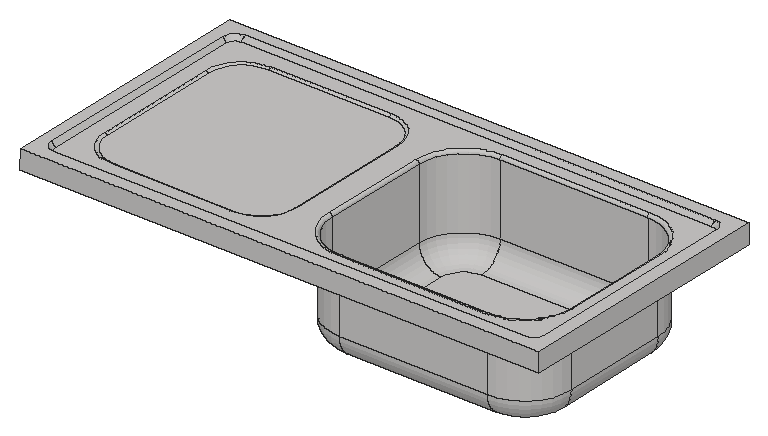
Revit family
Parameters (values of type "860 X 435")
  Waste Connection Diameter = 40 mm
  Width Of Bowl = 330 mm
  Waste Connection Radius = Waste Connection Diameter / 2  # 20 mm
  Waste Connection = 1 = 1  # yes
  WFU = 0
  Vent Connection = 1 = 0  # no
  URL = "http://www.autospec.co.za/browse.php?id=1937217983"
  Product Code = "SDI-860-SER"
  OmniClass Title = ""
  OmniClass Number = ""
  Modspec Classification = ""
  Specification = ""
  Material = Stainless Steel Grade 304
  Location (revit room) = ""
  Length Of Bowl = 395 mm
  HW Connection = 1 = 0  # no
  Description = ""
  Depth Of Bowl = 170 mm
  Colour = none
  CW Connection = 1 = 0  # no
  Body Finish = none
  Width = 435 mm
  Model = "Right Hand Drop-In Sink Single End Bowl SDI-860-SER"
  Manufacturer = "Kwikot"  # constant formula
  Length = 860 mm
  Assembly Code = "D2010410"
Reference planes
  plane 1 "Center (Front/Back)": y = 0
  plane 2 "Bottom": z = 0
  plane 3 "Center (Left/Right)": x = 0
  plane 4 "Right": x = 860
  plane 5 "Back": y = 435
  plane 6 "Top": z = 170
  plane 7: z = 138
  plane 8: x = 415
  plane 9: x = 810
  plane 10: y = 217.5
  plane 11: y = 382.5
  plane 12: y = 52.5
  plane 13: x = 612.5
  plane 14: z = 162
Forms (mm)
  Sweep 1, solid, material "Stainless Steel Grade 304" <- "Material"
    path origin (-60.109, -1524, 170) x (-1, 0, 0) y (0, -1, 0)
      loop
        line (-60.109, -1959) -> (-60.109, -1524) -> (-920.109, -1524) -> (-920.109, -1959) -> (-60.109, -1959)
    profile origin (430, 435, 170) x (0, 1, 0) y (0, 0, 1)
      loop
        line (-15, 0) -> (-15, -10.5) -> (-2.5, -10.5) -> (-2.5, -29.5) -> (-10, -29.5) -> (-10, -32) -> (0, -32) -> (0, 0) -> (-15, 0)
  Extrusion 2, solid, material "Stainless Steel Grade 304" <- "Material"
    sketch origin (-60.109, -1524, 170) x (-1, 0, 0) y (0, -1, 0)
      loop
        line (-75.109, -1539) -> (-905.109, -1539) -> (-905.109, -1944) -> (-75.109, -1944) -> (-75.109, -1539)
    from 0 to -10.5
  Extrusion 3, void
    sketch origin (-60.109, -1524, 170) x (0, -1, 0) y (-1, 0, 0)
      loop
        line (-1906.5, -550.109) -> (-1906.5, -795.109)
        arc (-1906.5, -795.109) -> (-1884.533, -848.142) -> (-1831.5, -870.109) r 75
        line (-1831.5, -870.109) -> (-1651.5, -870.109)
        arc (-1651.5, -870.109) -> (-1598.467, -848.142) -> (-1576.5, -795.109) r 75
        line (-1576.5, -795.109) -> (-1576.5, -550.109)
        arc (-1576.5, -550.109) -> (-1598.467, -497.076) -> (-1651.5, -475.109) r 75
        line (-1651.5, -475.109) -> (-1831.5, -475.109)
        arc (-1831.5, -475.109) -> (-1884.533, -497.076) -> (-1906.5, -550.109) r 75
    from 0 to 10.5
  Sweep 4, solid, material "Stainless Steel Grade 304" <- "Material"
    path origin (-60.109, -1524, 170) x (-1, 0, 0) y (0, -1, 0)
      loop
        arc (-550.109, -1906.5) -> (-497.076, -1884.533) -> (-475.109, -1831.5) r 75
        line (-475.109, -1831.5) -> (-475.109, -1651.5)
        arc (-475.109, -1651.5) -> (-497.076, -1598.467) -> (-550.109, -1576.5) r 75
        line (-550.109, -1576.5) -> (-795.109, -1576.5)
        arc (-795.109, -1576.5) -> (-848.142, -1598.467) -> (-870.109, -1651.5) r 75
        line (-870.109, -1651.5) -> (-870.109, -1831.5)
        arc (-870.109, -1831.5) -> (-848.142, -1884.533) -> (-795.109, -1906.5) r 75
        line (-795.109, -1906.5) -> (-550.109, -1906.5)
    profile origin (612.5, 382.5, 170) x (0, 1, 0) y (0, 0, 1)
      loop
        line (0, -10.5) -> (0, -130)
        arc (0, -130) -> (-10.983, -156.517) -> (-37.5, -167.5) r 37.5
        line (-37.5, -167.5) -> (-37.5, -170)
        arc (-37.5, -170) -> (-9.216, -158.284) -> (2.5, -130) r 40
        line (2.5, -130) -> (2.5, -10.5) -> (0, -10.5)
  Extrusion 5, solid, material "Stainless Steel Grade 304" <- "Material"
    sketch origin (0, 0, 0) x (1, 0, 0) y (0, 1, 0)
      loop
        arc (452.5, 127.5) -> (463.483, 100.983) -> (490, 90) r 37.5
        line (490, 90) -> (735, 90)
        arc (735, 90) -> (761.517, 100.983) -> (772.5, 127.5) r 37.5
        line (772.5, 127.5) -> (772.5, 307.5)
        arc (772.5, 307.5) -> (761.517, 334.017) -> (735, 345) r 37.5
        line (735, 345) -> (490, 345)
        arc (490, 345) -> (463.483, 334.017) -> (452.5, 307.5) r 37.5
        line (452.5, 307.5) -> (452.5, 127.5)
      loop
        circle (490, 217.5) r 20
    from 0 to 2.5
  Blend 6, void
    base sketch origin (0, 0, 170) x (-1, 0, 0) y (0, -1, 0)
      loop
        line (-20, -395) -> (-20, -40)
        arc (-20, -40) -> (-25.858, -25.858) -> (-40, -20) r 20
        line (-40, -20) -> (-820, -20)
        arc (-820, -20) -> (-834.142, -25.858) -> (-840, -40) r 20
        line (-840, -40) -> (-840, -395)
        arc (-840, -395) -> (-834.142, -409.142) -> (-820, -415) r 20
        line (-820, -415) -> (-40, -415)
        arc (-40, -415) -> (-25.858, -409.142) -> (-20, -395) r 20
    top sketch origin (0, 0, 170) x (-1, 0, 0) y (0, -1, 0)
      loop
        line (-25, -395) -> (-25, -40)
        arc (-25, -40) -> (-29.393, -29.393) -> (-40, -25) r 15
        line (-40, -25) -> (-820, -25)
        arc (-820, -25) -> (-830.607, -29.393) -> (-835, -40) r 15
        line (-835, -40) -> (-835, -395)
        arc (-835, -395) -> (-830.607, -405.607) -> (-820, -410) r 15
        line (-820, -410) -> (-40, -410)
        arc (-40, -410) -> (-29.393, -405.607) -> (-25, -395) r 15
    from 0 to -8
  Extrusion 7, solid, material "Stainless Steel Grade 304" <- "Material"
    sketch origin (0, 0, 0) x (1, 0, 0) y (0, 1, 0)
      loop
        circle (490, 217.5) r 20
    from 0 to -5
  Sweep 8, void
    path origin (-60.109, -1524, 170) x (-1, 0, 0) y (0, -1, 0)
      loop
        line (-795.109, -1906.5) -> (-550.109, -1906.5)
        arc (-550.109, -1906.5) -> (-497.076, -1884.533) -> (-475.109, -1831.5) r 75
        line (-475.109, -1831.5) -> (-475.109, -1651.5)
        arc (-475.109, -1651.5) -> (-497.076, -1598.467) -> (-550.109, -1576.5) r 75
        line (-550.109, -1576.5) -> (-795.109, -1576.5)
        arc (-795.109, -1576.5) -> (-848.142, -1598.467) -> (-870.109, -1651.5) r 75
        line (-870.109, -1651.5) -> (-870.109, -1831.5)
        arc (-870.109, -1831.5) -> (-848.142, -1884.533) -> (-795.109, -1906.5) r 75
    profile origin (612.5, 382.5, 170) x (0, -1, 0) y (0, 0, 1)
      loop
        line (0, -8) -> (-5, -8)
        arc (-5, -8) -> (-1.464, -9.464) -> (0, -13) r 5
        line (0, -13) -> (0, -8)
  Blend 9, void
    base sketch origin (-60.109, -1524, 162) x (0, -1, 0) y (1, 0, 0)
      loop
        line (-1846.5, 110.109) -> (-1636.5, 110.109)
        arc (-1636.5, 110.109) -> (-1594.074, 127.682) -> (-1576.5, 170.109) r 60
        line (-1576.5, 170.109) -> (-1576.5, 370.109)
        arc (-1576.5, 370.109) -> (-1594.074, 412.535) -> (-1636.5, 430.109) r 60
        line (-1636.5, 430.109) -> (-1846.5, 430.109)
        arc (-1846.5, 430.109) -> (-1888.926, 412.535) -> (-1906.5, 370.109) r 60
        line (-1906.5, 370.109) -> (-1906.5, 170.109)
        arc (-1906.5, 170.109) -> (-1888.926, 127.682) -> (-1846.5, 110.109) r 60
    top sketch origin (-60.109, -1524, 162) x (0, -1, 0) y (1, 0, 0)
      loop
        arc (-1636.5, 115.109) -> (-1597.609, 131.218) -> (-1581.5, 170.109) r 55
        line (-1581.5, 170.109) -> (-1581.5, 370.109)
        arc (-1581.5, 370.109) -> (-1597.609, 408.999) -> (-1636.5, 425.109) r 55
        line (-1636.5, 425.109) -> (-1846.5, 425.109)
        arc (-1846.5, 425.109) -> (-1885.391, 408.999) -> (-1901.5, 370.109) r 55
        line (-1901.5, 370.109) -> (-1901.5, 170.109)
        arc (-1901.5, 170.109) -> (-1885.391, 131.218) -> (-1846.5, 115.109) r 55
        line (-1846.5, 115.109) -> (-1636.5, 115.109)
    from 0 to -2
Cuts and joins
  Extrusion 3, Blend 6, Sweep 8, Blend 9 cuts Sweep 1
  Extrusion 3, Blend 6, Sweep 8, Blend 9 cuts Extrusion 2
  Blend 6, Sweep 8, Blend 9 cuts Sweep 4
  Blend 6, Sweep 8, Blend 9 cuts Extrusion 5
  Sweep 8, Blend 9 cuts Extrusion 7
  joined: Sweep 1, Extrusion 2, Sweep 4, Extrusion 5, Extrusion 7
Lines and regions (mm)
  symbolic lines
    curve 1: line (0, 435, 170) -> (0, 0, 170)
    curve 2: line (0, 0, 170) -> (860, 0, 170)
    curve 3: line (860, 0, 170) -> (860, 435, 170)
    curve 4: line (860, 435, 170) -> (0, 435, 170)
    curve 5: line (20, 40, 170) -> (20, 395, 170)
    curve 6: line (25, 395, 170) -> (25, 40, 170)
    curve 7: arc (20, 395, 170) -> (25.858, 409.142, 170) -> (40, 415, 170) r 20
    curve 8: arc (40, 410, 170) -> (29.393, 405.607, 170) -> (25, 395, 170) r 15
    curve 9: line (40, 415, 170) -> (820, 415, 170)
    curve 10: line (820, 410, 170) -> (40, 410, 170)
    curve 11: arc (820, 415, 170) -> (834.142, 409.142, 170) -> (840, 395, 170) r 20
    curve 12: arc (835, 395, 170) -> (830.607, 405.607, 170) -> (820, 410, 170) r 15
    curve 13: line (835, 40, 170) -> (835, 395, 170)
    curve 14: line (840, 395, 170) -> (840, 40, 170)
    curve 15: arc (840, 40, 170) -> (834.142, 25.858, 170) -> (820, 20, 170) r 20
    curve 16: arc (820, 25, 170) -> (830.607, 29.393, 170) -> (835, 40, 170) r 15
    curve 17: line (820, 20, 170) -> (40, 20, 170)
    curve 18: line (40, 25, 170) -> (820, 25, 170)
    curve 19: arc (40, 20, 170) -> (25.858, 25.858, 170) -> (20, 40, 170) r 20
    curve 20: arc (25, 40, 170) -> (29.393, 29.393, 170) -> (40, 25, 170) r 15
    curve 21: line (415, 307.5, 170) -> (415, 127.5, 170)
    curve 22: arc (490, 382.5, 170) -> (436.967, 360.533, 170) -> (415, 307.5, 170) r 75
    curve 23: line (735, 382.5, 170) -> (490, 382.5, 170)
    curve 24: arc (810, 307.5, 170) -> (788.033, 360.533, 170) -> (735, 382.5, 170) r 75
    curve 25: line (810, 127.5, 170) -> (810, 307.5, 170)
    curve 26: arc (735, 52.5, 170) -> (788.033, 74.467, 170) -> (810, 127.5, 170) r 75
    curve 27: line (490, 52.5, 170) -> (735, 52.5, 170)
    curve 28: arc (415, 127.5, 170) -> (436.967, 74.467, 170) -> (490, 52.5, 170) r 75
    curve 38: arc (510, 217.5, 170) -> (490, 197.5, 170) -> (470, 217.5, 170) r 20
    curve 39: arc (470, 217.5, 170) -> (490, 237.5, 170) -> (510, 217.5, 170) r 20
  model lines
    curve 29: line (320.393, 347.277, 160) -> (72.595, 347.277, 160)
    curve 30: line (310.383, 327.277, 160) -> (65.224, 327.277, 160)
    curve 31: line (302.208, 307.277, 160) -> (65.062, 307.277, 160)
    curve 32: line (295.706, 287.277, 160) -> (65.062, 287.277, 160)
    curve 33: line (290.76, 267.277, 160) -> (65.062, 267.277, 160)
    curve 34: line (287.292, 247.277, 160) -> (65.062, 247.277, 160)
    curve 35: line (287.454, 167.277, 160) -> (65.062, 167.277, 160)
    curve 36: line (291.006, 147.277, 160) -> (65.062, 147.277, 160)
    curve 37: line (296.039, 127.277, 160) -> (65.062, 127.277, 160)
    curve 40: line (302.636, 107.277, 160) -> (65.363, 107.277, 160)
    curve 41: arc (313.466, 81.855, 160) -> (284.782, 218.28, 160) -> (323.212, 352.286, 160) r 289.387
    curve 42: arc (109.955, 367.277, 160) -> (78.211, 354.128, 160) -> (65.062, 322.384, 160) r 44.893
    curve 43: arc (65.062, 112.476, 160) -> (78.235, 80.673, 160) -> (110.037, 67.501, 160) r 44.975
    curve 44: line (110.037, 67.501, 160) -> (304.464, 67.501, 160)
    curve 45: line (314.547, 367.277, 160) -> (109.955, 367.277, 160)
    curve 46: arc (109.955, 367.277, 160) -> (78.211, 354.128, 160) -> (65.062, 322.384, 160) r 44.893
    curve 47: line (65.062, 322.384, 160) -> (65.062, 112.476, 160)
    curve 48: line (285.247, 227.277, 160) -> (65.062, 227.277, 160)
    curve 49: line (284.595, 207.277, 160) -> (65.062, 207.277, 160)
    curve 50: line (285.327, 187.277, 160) -> (65.062, 187.277, 160)
    curve 51: line (310.912, 87.277, 160) -> (72.784, 87.277, 160)
    curve 52: arc (323.212, 352.286, 160) -> (323.204, 362.282, 160) -> (314.547, 367.277, 160) r 10
    curve 53: arc (304.464, 67.501, 160) -> (312.935, 72.187, 160) -> (313.466, 81.855, 160) r 10
Dimensions and locks
  "Length": plane 3 "Center (Left/Right)" to plane 4 "Right"
  "Width": plane 5 "Back" to plane 1 "Center (Front/Back)"
  "Depth Of Bowl": plane 6 "Top" to plane 2 "Bottom"
  equal spacing: plane 1 "Center (Front/Back)", plane 10, plane 5 "Back"
  "Length Of Bowl": plane 8 to plane 9
  "Width Of Bowl": plane 11 to plane 12
  equal spacing: plane 11, plane 10, plane 12
  equal spacing: plane 8, plane 13, plane 9
  plane 6 "Top" to plane 7 = 32 mm
  Sweep 1 sketch curve to plane 5 "Back" = 10 mm
  Sweep 1 sketch curve to plane 5 "Back" = 15 mm
  plane 6 "Top" to Sweep 1 sketch curve = 10.5 mm
  Sweep 1 sketch curve to plane 5 "Back" = 2.5 mm
  plane 7 to Sweep 1 sketch curve = 2.5 mm
  plane 3 "Center (Left/Right)" to Blend 6 sketch curve = 20 mm
  Blend 6 sketch curve to plane 4 "Right" = 20 mm
  plane 5 "Back" to Blend 6 sketch curve = 20 mm
  plane 1 "Center (Front/Back)" to Blend 6 sketch curve = 20 mm
  var sketch to Blend 6 sketch curve = 5 mm  (x3)
  Blend 6 sketch curve to var sketch = 5 mm
  plane 6 "Top" to plane 14 = 8 mm
  locked: Blend 9 sketch curve to Blend 9 sketch curve at 320
  Blend 9 sketch curve to var sketch = 5 mm  (x3)
  var sketch to Blend 9 sketch curve = 5 mm
  plane 9 to plane 4 "Right" = 50 mm
  plane 8 to Extrusion 5 sketch curve = 75 mm
  radius of Extrusion 3 sketch curve = 75 mm  (x4)
  radius of Sweep 4 sketch curve = 37.5 mm
  radius of Sweep 4 sketch curve = 40 mm
  "Waste Connection Radius": radius of Extrusion 5 sketch curve
  radius of Blend 6 sketch curve = 20 mm  (x4)
  radius of Blend 6 sketch curve = 15 mm  (x4)
  radius of Blend 9 sketch curve = 55 mm  (x4)
  radius of Blend 9 sketch curve = 60 mm  (x4)
  aligned and locked: level to plane 2 "Bottom"
  aligned and locked: Sweep 1 sketch curve to plane 5 "Back"
  aligned and locked: plane 3 "Center (Left/Right)" to Sweep 1 sketch curve
  aligned and locked: Sweep 1 sketch curve to plane 1 "Center (Front/Back)"
  aligned and locked: plane 4 "Right" to Sweep 1 sketch curve
  aligned and locked: Sweep 1 sketch curve to profile plane
  aligned and locked: plane 7 to Sweep 1 sketch curve
  aligned and locked: profile plane to Sweep 1 sketch curve
  aligned and locked: Extrusion 2 sketch curve to Sweep 1  (x4)
  aligned and locked: Sweep 1 to Extrusion 2
  aligned and locked: plane 6 "Top" to Extrusion 2
  aligned and locked: plane 11 to Extrusion 3 sketch curve
  aligned and locked: Extrusion 3 sketch curve to plane 8
  aligned and locked: Extrusion 3 sketch curve to plane 12
  aligned and locked: plane 9 to Extrusion 3 sketch curve
  aligned and locked: Sweep 1 to Extrusion 3
  aligned and locked: plane 6 "Top" to Extrusion 3
  aligned and locked: Sweep 4 sketch curve to cut or joined group of Sweep 1, Extrusion 2, Extrusion 3, Sweep 4, Extrusion 5, Blend 6, Extrusion 7, Sweep 8, Blend 9  (x5)
  aligned and locked: cut or joined group of Sweep 1, Extrusion 2, Extrusion 3, Sweep 4, Extrusion 5, Blend 6, Extrusion 7, Sweep 8, Blend 9 to Sweep 4 sketch curve
  aligned and locked: plane 2 "Bottom" to Sweep 4 sketch curve
  aligned and locked: Extrusion 5 sketch curve to cut or joined group of Sweep 1, Extrusion 2, Extrusion 3, Sweep 4, Extrusion 5, Blend 6, Extrusion 7, Sweep 8, Blend 9  (x4)
  aligned and locked: plane 10 to Extrusion 5 sketch curve
  aligned and locked: curve 1 to cut or joined group of Sweep 1, Extrusion 2, Extrusion 3, Sweep 4, Extrusion 5, Blend 6, Extrusion 7, Sweep 8, Blend 9
  aligned and locked: curve 2 to cut or joined group of Sweep 1, Extrusion 2, Extrusion 3, Sweep 4, Extrusion 5, Blend 6, Extrusion 7, Sweep 8, Blend 9
  aligned and locked: curve 3 to cut or joined group of Sweep 1, Extrusion 2, Extrusion 3, Sweep 4, Extrusion 5, Blend 6, Extrusion 7, Sweep 8, Blend 9
  aligned and locked: curve 4 to cut or joined group of Sweep 1, Extrusion 2, Extrusion 3, Sweep 4, Extrusion 5, Blend 6, Extrusion 7, Sweep 8, Blend 9
  aligned and locked: curve 7 to cut or joined group of Sweep 1, Extrusion 2, Extrusion 3, Sweep 4, Extrusion 5, Blend 6, Extrusion 7, Sweep 8, Blend 9
  aligned and locked: curve 8 to cut or joined group of Sweep 1, Extrusion 2, Extrusion 3, Sweep 4, Extrusion 5, Blend 6, Extrusion 7, Sweep 8, Blend 9
  aligned and locked: curve 11 to cut or joined group of Sweep 1, Extrusion 2, Extrusion 3, Sweep 4, Extrusion 5, Blend 6, Extrusion 7, Sweep 8, Blend 9
  aligned and locked: curve 12 to cut or joined group of Sweep 1, Extrusion 2, Extrusion 3, Sweep 4, Extrusion 5, Blend 6, Extrusion 7, Sweep 8, Blend 9
  aligned and locked: curve 15 to cut or joined group of Sweep 1, Extrusion 2, Extrusion 3, Sweep 4, Extrusion 5, Blend 6, Extrusion 7, Sweep 8, Blend 9
  aligned and locked: curve 16 to cut or joined group of Sweep 1, Extrusion 2, Extrusion 3, Sweep 4, Extrusion 5, Blend 6, Extrusion 7, Sweep 8, Blend 9
  aligned and locked: curve 19 to cut or joined group of Sweep 1, Extrusion 2, Extrusion 3, Sweep 4, Extrusion 5, Blend 6, Extrusion 7, Sweep 8, Blend 9
  aligned and locked: curve 20 to cut or joined group of Sweep 1, Extrusion 2, Extrusion 3, Sweep 4, Extrusion 5, Blend 6, Extrusion 7, Sweep 8, Blend 9
  aligned and locked: curve 22 to cut or joined group of Sweep 1, Extrusion 2, Extrusion 3, Sweep 4, Extrusion 5, Blend 6, Extrusion 7, Sweep 8, Blend 9
  aligned and locked: curve 24 to cut or joined group of Sweep 1, Extrusion 2, Extrusion 3, Sweep 4, Extrusion 5, Blend 6, Extrusion 7, Sweep 8, Blend 9
  aligned and locked: curve 26 to cut or joined group of Sweep 1, Extrusion 2, Extrusion 3, Sweep 4, Extrusion 5, Blend 6, Extrusion 7, Sweep 8, Blend 9
  aligned and locked: curve 28 to cut or joined group of Sweep 1, Extrusion 2, Extrusion 3, Sweep 4, Extrusion 5, Blend 6, Extrusion 7, Sweep 8, Blend 9
  aligned and locked: Extrusion 7 sketch curve to cut or joined group of Sweep 1, Extrusion 2, Extrusion 3, Sweep 4, Extrusion 5, Blend 6, Extrusion 7, Sweep 8, Blend 9  (x2)
  aligned and locked: Sweep 8 sketch curve to cut or joined group of Sweep 1, Extrusion 2, Extrusion 3, Sweep 4, Extrusion 5, Blend 6, Extrusion 7, Sweep 8, Blend 9  (x4)
  aligned and locked: profile plane to Sweep 8 sketch curve
  aligned and locked: cut or joined group of Sweep 1, Extrusion 2, Extrusion 3, Sweep 4, Extrusion 5, Blend 6, Extrusion 7, Sweep 8, Blend 9 to Sweep 8 sketch curve
  aligned and locked: Blend 6 to Sweep 8
  aligned and locked: curve 38 to cut or joined group of Sweep 1, Extrusion 2, Extrusion 3, Sweep 4, Extrusion 5, Blend 6, Extrusion 7, Sweep 8, Blend 9
  aligned and locked: curve 39 to cut or joined group of Sweep 1, Extrusion 2, Extrusion 3, Sweep 4, Extrusion 5, Blend 6, Extrusion 7, Sweep 8, Blend 9
  aligned and locked: plane 11 to Blend 9 sketch curve
  aligned and locked: Blend 9 sketch curve to plane 12
Automatic sketch dimensions
  plane 3 "Center (Left/Right)" to Blend 9 sketch curve = 50 mm
  Sweep 4 sketch curve to Sweep 4 sketch curve = 0 mm
  Sweep 8 sketch curve to profile plane = 0 mm
  Sweep 8 sketch curve to Sweep 8 sketch curve = 5 mm  (x2)
  Sweep 8 sketch curve to Sweep 8 sketch curve = 0 mm  (x2)
  curve 45 to Blend 9 = 10.223 mm
  curve 45 to curve 52 = 10 mm
  curve 52 to curve 41 = 4.991 mm
  curve 52 to curve 41 = 0 mm
  curve 29 to Blend 9 = 17.595 mm
  curve 29 to curve 30 = 20 mm
  curve 30 to curve 42 = 4.893 mm
  curve 46 to curve 31 = 15.107 mm
  curve 31 to curve 32 = 20 mm
  curve 32 to curve 33 = 20 mm
  curve 33 to curve 34 = 20 mm
  curve 34 to curve 48 = 20 mm
  curve 48 to curve 49 = 20 mm
  curve 49 to curve 50 = 20 mm
  curve 50 to curve 35 = 20 mm
  curve 35 to curve 36 = 20 mm
  curve 36 to curve 37 = 20 mm
  curve 37 to curve 43 = 14.801 mm
  curve 37 to curve 40 = 20 mm
  curve 40 to curve 51 = 20 mm
  curve 51 to curve 41 = 5.422 mm
  curve 53 to curve 41 = 0 mm
  curve 41 to curve 53 = 4.354 mm
  curve 44 to Blend 9 = 10.001 mm
  curve 47 to curve 30 = 0.163 mm
  curve 49 to Blend 9 = 80.405 mm
  curve 53 to curve 41 = 9.002 mm
Connectors
  piping at (490, 217.5, -5), driven by "Waste Connection Radius", driven by "WFU"
    settings: on cut or joined group of Sweep 1, Extrusion 2, Extrusion 3, Sweep 4, Extrusion 5, Blend 6, Extrusion 7, Sweep 8, Blend 9, index 1, connector radius 20 mm, flow factor 0, pipe flow 0.0 L/s, pressure drop 0.0 Pa, fitting loss kfactor 0, connector angle 0.00°, fixture units 0, flow configuration 3, flow direction 2, fitting loss method 4, system type 16, connector reference index -1, connector utility 0, adjustable connector no, is connector primary yes, fitting loss table "", connector description "Waste Connection"
